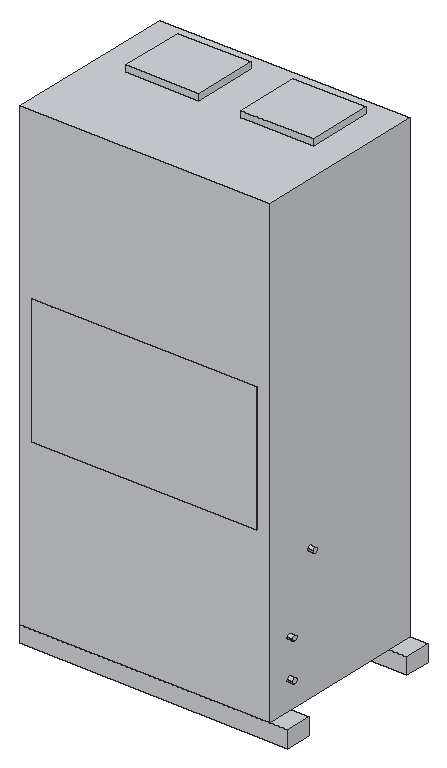
Revit family "2eeb1e5afa334f379452fec0b08cf306", category Mechanical Equipment, Revit 2021
Family settings
  Round Connector Dimension = Use Radius
  Part Type = Normal
  OmniClass Number = 23.75.10.24.21.27.11
  OmniClass Title = Packaged Air Conditioners
  Seek Item ID = Air Conditioner - Vertical Packaged - Water Cooled - 7.5-15 Tons-0000-USA-ENU
  Work Plane-Based = No
  Always vertical = Yes
  Cut with Voids When Loaded = No
  Shared = No
  Room Calculation Point = No
Parameters (values of type "7.5 Tons")
  Voltage = 460 V
  Pressure Drop [instance] = 8.41 psi
  Outlet Radius = 3/8"
  Outlet Diameter = Outlet Radius * 2  # 3/4"
  Number of Poles = 3
  Unit Material = none
  Load Classification = Cooling
  Inlet Radius = 3/8"
  Inlet Diameter = Inlet Radius * 2  # 3/4"
  Height 2 = (Conditioner Height - Height 1) / 2  # 2' - 3.59961"
  Height 1 = 1' - 8 251/256"
  Flow [instance] = 23 GPM
  Duct Width = 11 119/128"
  Duct Height = 10 161/256"
  Drain Radius = 3/8"
  Drain Flow [instance] = 0 GPM
  Distance = 0' - 7"
  Default Elevation = 0' - 0"
  Conditioner Width = 2' - 4 189/256"
  Conditioner Length = 3' - 4 241/256"
  Conditioner Height = 6' - 4 23/128"
  C5 Offset 2 = 0' - 8 11/64"
  C5 Offset 1 = 2' - 0 215/256"
  C4 Offset 1 = 0' - 5 5/128"
  C3 Offset 2 = 1' - 1 207/256"
  C3 Offset 1 = 0' - 4 45/128"
  C2 Offset 2 = 0' - 6 67/256"
  C1 Offset 2 = 0' - 4 23/32"
  C1 Offset 1 = 0' - 3 241/256"
  Apparent Load = 7600 VA
  Air Flow [instance] = 3000 CFM
Types (5): name | Pressure Drop | Outlet Radius | Outlet Diameter | Inlet Radius | Inlet Diameter | Height 2 | Height 1 | Flow | Duct Width | Duct Height | Drain Radius | Distance | Conditioner Width | Conditioner Length | Conditioner Height | C5 Offset 2 | C5 Offset 1 | C4 Offset 1 | C3 Offset 2 | C2 Offset 2 | C1 Offset 2 | C1 Offset 1 | Apparent Load | Air Flow
  (no name) | 8.41 psi | 3/8" | 3/4" | 3/8" | 3/4" | 2' - 3.59961" | 1' - 8 251/256" | 23 GPM | 11 119/128" | 10 161/256" | 3/8" | 0' - 7" | 2' - 4 189/256" | 3' - 4 241/256" | 6' - 4 23/128" | 0' - 8 11/64" | 2' - 0 215/256" | 0' - 5 5/128" | 1' - 1 207/256" | 0' - 6 67/256" | 0' - 4 23/32" | 0' - 3 241/256" | 7600 VA | 3000 CFM
  7.5 Tons | 8.41 psi | 3/8" | 3/4" | 3/8" | 3/4" | 2' - 3.59961" | 1' - 8 251/256" | 23 GPM | 11 119/128" | 10 161/256" | 3/8" | 0' - 7" | 2' - 4 189/256" | 3' - 4 241/256" | 6' - 4 23/128" | 0' - 8 11/64" | 2' - 0 215/256" | 0' - 5 5/128" | 1' - 1 207/256" | 0' - 6 67/256" | 0' - 4 23/32" | 0' - 3 241/256" | 7600 VA | 3000 CFM
  10 Tons | 7.24 psi | 5/8" | 1 1/4" | 5/8" | 1 1/4" | 2' - 7.63477" | 2' - 1 131/256" | 30 GPM | 15 51/128" | 13 169/256" | 2" | 0' - 9 215/256" | 2' - 5 133/256" | 5' - 5 3/4" | 7' - 4 25/32" | 0' - 9.81475" | 2' - 2.25326" | 0' - 7 5/128" | 1' - 2 51/256" | 0' - 7 123/256" | 0' - 5 59/256" | 0' - 4 79/256" | 10200 VA | 4000 CFM
  12 Tons | 8.584 psi | 5/8" | 1 1/4" | 5/8" | 1 1/4" | 2' - 9.59961" | 2' - 1 131/256" | 35 GPM | 15 51/128" | 13 169/256" | 2" | 0' - 9 215/256" | 2' - 5 133/256" | 5' - 5 3/4" | 7' - 8 91/128" | 0' - 9.81475" | 2' - 2.25326" | 0' - 7 5/128" | 1' - 6 9/64" | 0' - 7 123/256" | 0' - 5 59/256" | 0' - 4 79/256" | 12500 VA | 4800 CFM
  15 Tons | 6.199 psi | 5/8" | 1 1/4" | 5/8" | 1 1/4" | 2' - 9.59961" | 2' - 1 131/256" | 44 GPM | 15 51/128" | 13 169/256" | 2" | 0' - 9 215/256" | 2' - 5 133/256" | 6' - 8 79/256" | 7' - 8 91/128" | 0' - 9.81475" | 2' - 2.25326" | 1' - 7 53/64" | 1' - 6 9/64" | 0' - 5 31/256" | 0' - 4 195/256" | 0' - 4 79/256" | 14800 VA | 6000 CFM
Reference planes (in)
  plane 1 "Center (Front/Back)": y = 0
  plane 2: z = 0
  plane 3 "Center (Left/Right)": x = 0
  plane 4: x = 40.94141
  plane 5: z = 78.93969
  plane 6: y = 28.73828
  plane 7: z = 2.76
  plane 8: z = 30.35961
  plane 9: z = 51.34008
  plane 10: x = 2
  plane 11: x = 38.94141
  plane 12: x = 43.94141
  plane 13: y = 4.3
  plane 14: y = 24.43828
  plane 15: z = 7.47875
  plane 16: z = 13.74047
  plane 17: y = 3.94141
  plane 18: z = 13.80859
  plane 19: y = 24.38672
  plane 20: x = 41.94141
  plane 21: x = 5.03906
  plane 22: x = 16.96875
  plane 23: y = 15.43937
  plane 24: y = 26.06828
  plane 25: z = 79.93969
  plane 26: x = 23.96875
  plane 27: x = 35.89844
  plane 28: z = 24.83984
  plane 29: y = 8.17187
Forms (in)
  Extrusion 1, solid, material <- "Unit Material"
    sketch origin (0, 0, 0) x (1, 0, 0) y (0, 1, 0)
      loop
        line (0, 28.73828) -> (0, 0) -> (40.94141, 0) -> (40.94141, 28.73828) -> (0, 28.73828)
    from 2.76 to 78.93969
  Extrusion 2, solid, material <- "Unit Material", detail levels fine
    sketch origin (0, 0, 0) x (1, 0, 0) y (0, 0, 1)
      loop
        line (2, 51.34008) -> (2, 30.35961) -> (38.94141, 30.35961) -> (38.94141, 51.34008) -> (2, 51.34008)
    from -26.06828 to 0
  Extrusion 3, solid, material <- "Unit Material"
    sketch origin (0, 0, 0) x (1, 0, 0) y (0, 0, 1)
      loop
        line (0, 2.76) -> (0, 0) -> (43.94141, 0) -> (43.94141, 2.76) -> (0, 2.76)
    from -4.3 to 0
  Extrusion 4, solid, material <- "Unit Material"
    sketch origin (0, 29.51953, 0) x (1, 0, 0) y (0, 0, -1)
      loop
        line (0, -2.76) -> (43.94141, -2.76) -> (43.94141, 0) -> (0, 0) -> (0, -2.76)
    from -5.08125 to -0.78125
  Extrusion 5, solid, material <- "Unit Material"
    sketch origin (0, 0, 0) x (0, 1, 0) y (0, 0, 1)
      loop
        circle (24.38672, 13.80859) r 0.5
    from 38.94141 to 40.94141
  Extrusion 6, solid, material <- "Unit Material"
    sketch origin (0, 0, 0) x (0, 1, 0) y (0, 0, 1)
      loop
        circle (3.94141, 7.47875) r 0.375
    from 40.94141 to 41.94141
  Extrusion 7, solid, material <- "Unit Material"
    sketch origin (0, 0, 0) x (0, 1, 0) y (0, 0, 1)
      loop
        circle (3.94141, 13.74047) r 0.375
    from 41.94141 to 40.94141
  Extrusion 8, solid
    sketch origin (0, 0, 0) x (1, 0, 0) y (0, 1, 0)
      loop
        line (5.03906, 26.06828) -> (5.03906, 15.43937) -> (16.96875, 15.43937) -> (16.96875, 26.06828) -> (5.03906, 26.06828)
    from 78.93969 to 79.93969
  Extrusion 9, solid
    sketch origin (0, 0, 0) x (1, 0, 0) y (0, 1, 0)
      loop
        line (23.96875, 26.06828) -> (23.96875, 15.43937) -> (35.89844, 15.43937) -> (35.89844, 26.06828) -> (23.96875, 26.06828)
    from 78.93969 to 79.93969
  Extrusion 10, solid
    sketch origin (0, 0, 0) x (0, 1, 0) y (0, 0, 1)
      loop
        circle (8.17187, 24.83984) r 0.375
    from 40.94141 to 41.94141
Cuts and joins
  joined: Extrusion 1, Extrusion 5, Extrusion 6, Extrusion 7
Lines and regions (in)
  model lines
    curve 1: line (2, 0, 47.14398) -> (38.94141, 0, 47.14398)
    curve 2: line (2, 0, 42.94789) -> (38.94141, 0, 42.94789)
    curve 3: line (2, 0, 38.7518) -> (38.94141, 0, 38.7518)
    curve 4: line (2, 0, 34.5557) -> (38.94141, 0, 34.5557)
Dimensions and locks (in)
  "Conditioner Length": plane 4 to plane 3 "Center (Left/Right)"
  "Conditioner Width": plane 1 "Center (Front/Back)" to plane 6
  locked: plane 7 to plane 2 at 2.76
  "Conditioner Height": plane 5 to plane 7
  "Height 2": plane 8 to plane 7
  "Height 1": plane 9 to plane 8
  locked: plane 10 to plane 3 "Center (Left/Right)" at 2
  locked: plane 4 to plane 11 at 2
  locked: plane 12 to plane 4 at 3
  locked: plane 1 "Center (Front/Back)" to plane 13 at 4.3
  locked: plane 14 to plane 6 at 4.3
  "C1 Offset 2": plane 15 to plane 7
  "C2 Offset 2": plane 16 to plane 15
  "C1 Offset 1": plane 1 "Center (Front/Back)" to plane 17
  "C3 Offset 2": plane 18 to plane 2
  "C3 Offset 1": plane 19 to plane 6
  locked: plane 4 to plane 20 at 1
  equal spacing: plane 9, curve 1, curve 2, curve 3, curve 4, plane 8
  "C4 Offset 1": plane 3 "Center (Left/Right)" to plane 21
  "Duct Width": plane 21 to plane 22
  locked: plane 24 to plane 6 at 2.67
  "Duct Height": plane 24 to plane 23
  locked: plane 25 to plane 5 at 1
  "Distance": plane 22 to plane 26
  "Duct Width": plane 26 to plane 27
  "C5 Offset 1": plane 28 to plane 2
  "C5 Offset 2": plane 29 to plane 1 "Center (Front/Back)"
  radius of Extrusion 5 sketch curve = 0' - 0 1/2"
  "Inlet Radius": radius of Extrusion 6 sketch curve
  "Outlet Radius": radius of Extrusion 7 sketch curve
  "Drain Radius": radius of Extrusion 10 sketch curve
  aligned and locked: plane 3 "Center (Left/Right)" to Extrusion 1 sketch curve
  aligned and locked: plane 6 to Extrusion 1 sketch curve
  aligned and locked: plane 1 "Center (Front/Back)" to Extrusion 1 sketch curve
  aligned and locked: Extrusion 1 sketch curve to plane 4
  aligned and locked: plane 5 to Extrusion 1
  aligned and locked: Extrusion 1 to plane 7
  aligned and locked: plane 10 to Extrusion 2 sketch curve
  aligned and locked: Extrusion 2 sketch curve to plane 9
  aligned and locked: plane 8 to Extrusion 2 sketch curve
  aligned and locked: Extrusion 2 sketch curve to plane 11
  aligned and locked: plane 2 to Extrusion 3 sketch curve
  aligned and locked: Extrusion 3 sketch curve to plane 7
  aligned and locked: plane 3 "Center (Left/Right)" to Extrusion 3 sketch curve
  aligned and locked: Extrusion 3 sketch curve to plane 12
  aligned and locked: plane 1 "Center (Front/Back)" to Extrusion 2
  aligned and locked: Extrusion 3 to plane 13
  aligned and locked: plane 1 "Center (Front/Back)" to Extrusion 3
  aligned and locked: Extrusion 4 to plane 6
  aligned and locked: plane 14 to Extrusion 4
  aligned and locked: plane 7 to Extrusion 3
  aligned and locked: Extrusion 3 to plane 2
  aligned and locked: Extrusion 3 to plane 3 "Center (Left/Right)"
  aligned and locked: plane 12 to Extrusion 3
  aligned and locked: plane 19 to Extrusion 5 sketch curve
  aligned and locked: plane 18 to Extrusion 5 sketch curve
  aligned and locked: plane 17 to Extrusion 6 sketch curve
  aligned and locked: plane 15 to Extrusion 6 sketch curve
  aligned and locked: plane 16 to Extrusion 7 sketch curve
  aligned and locked: plane 17 to Extrusion 7 sketch curve
  aligned and locked: plane 20 to Extrusion 7
  aligned and locked: Extrusion 7 to plane 4
  aligned and locked: plane 20 to Extrusion 6
  aligned and locked: Extrusion 6 to plane 4
  aligned and locked: plane 4 to Extrusion 5
  aligned and locked: Extrusion 5 to plane 11
  aligned and locked: plane 10 to curve 1
  aligned and locked: plane 11 to curve 1
  aligned and locked: plane 10 to curve 2
  aligned and locked: plane 11 to curve 2
  aligned and locked: plane 10 to curve 3
  aligned and locked: plane 11 to curve 3
  aligned and locked: plane 10 to curve 4
  aligned and locked: plane 11 to curve 4
  aligned and locked: plane 21 to Extrusion 8 sketch curve
  aligned and locked: Extrusion 8 sketch curve to plane 24
  aligned and locked: plane 23 to Extrusion 8 sketch curve
  aligned and locked: Extrusion 8 sketch curve to plane 22
  aligned and locked: Extrusion 8 to plane 5
  aligned and locked: plane 25 to Extrusion 8
  aligned and locked: plane 24 to Extrusion 2
  aligned and locked: plane 26 to Extrusion 9 sketch curve
  aligned and locked: Extrusion 9 sketch curve to plane 24
  aligned and locked: plane 23 to Extrusion 9 sketch curve
  aligned and locked: Extrusion 9 sketch curve to plane 27
  aligned and locked: Extrusion 9 to Extrusion 8
  aligned and locked: Extrusion 9 to plane 5
  aligned and locked: plane 28 to Extrusion 10 sketch curve
  aligned and locked: plane 29 to Extrusion 10 sketch curve
  aligned and locked: plane 20 to Extrusion 10
Automatic sketch dimensions
  Extrusion 4 sketch curve to level = 0' - 0"
  Extrusion 4 sketch curve to plane 3 "Center (Left/Right)" = 0' - 0"
  Extrusion 4 sketch curve to plane 12 = 0' - 0"
  Extrusion 4 sketch curve to plane 7 = 0' - 0"
Connectors (in)
  piping at (41.94141, 3.94141, 7.47875), diameter 0.75, driven by "Flow", driven by "Inlet Radius"
    settings: on Extrusion 6, index 1, connector inside diameter 3/4", connector length 0' - 0", flow factor 0, pipe flow 23 GPM, pressure drop 0.00 psi, fitting loss kfactor 0, connector angle 0.00°, fixture units 0, engagement length 0' - 0", angle of deflection 0.00°, flow configuration 1, flow direction 1, fitting loss method 4, system type 7, joint type 0, gender type 0, connector reference index 2, connector utility 0, adjustable connector no, is connector primary yes, connector description "Cryogen In"
  piping at (41.94141, 3.94141, 13.74047), diameter 0.75, driven by "Pressure Drop", driven by "Flow", driven by "Outlet Radius"
    settings: on Extrusion 7, index 2, connector inside diameter 3/4", connector length 0' - 0", flow factor 0, pipe flow 23 GPM, pressure drop 8.41 psi, fitting loss kfactor 0, connector angle 0.00°, fixture units 0, engagement length 0' - 0", angle of deflection 0.00°, flow configuration 1, flow direction 2, fitting loss method 4, system type 8, joint type 0, gender type 0, connector reference index 1, connector utility 0, adjustable connector no, is connector primary no, connector description "Cryogen Out"
  electrical at (40.94141, 24.38672, 13.80859), driven by "Apparent Load", driven by "Voltage", driven by "Number of Poles", driven by "Load Classification"
    settings: on Extrusion 5, index 3, voltage 460 V, apparent load 7600 VA, apparent load phase1 0 VA, apparent load phase2 0 VA, apparent load phase3 0 VA, power factor 0.8, load classification "Cooling", number of poles 3, system type 30, power factor state 1, is connector primary yes, connector utility no, sub classification motor no, connector description ""
  hvac at (11.00391, 20.75383, 79.93969), driven by "Air Flow", driven by "Duct Height", driven by "Duct Width"
    settings: on Extrusion 8, index 4, duct flow 3000 CFM, flow factor 0, pres drop 0.00 in-wg, loss coef 0, conn angle 0.00°, conn width 11 119/128", conn height 10 161/256", conn diameter 24", duct sys type 1, conn prof type 1, flow config 0, flow direction 2, loss method 0, conn ref index -1, conn util no, is conn primary yes, conn desc ""
  hvac at (29.93359, 20.75383, 79.93969), driven by "Air Flow", driven by "Duct Height", driven by "Duct Width"
    settings: on Extrusion 9, index 5, duct flow 3000 CFM, flow factor 0, pres drop 0.00 in-wg, loss coef 0, conn angle 0.00°, conn width 11 119/128", conn height 10 161/256", conn diameter 24", duct sys type 1, conn prof type 1, flow config 0, flow direction 2, loss method 0, conn ref index -1, conn util no, is conn primary no, conn desc ""
  piping at (41.94141, 8.17187, 24.83984), diameter 0.75, driven by "Drain Flow", driven by "Drain Radius"
    settings: on Extrusion 10, index 6, connector inside diameter 3/4", connector length 0' - 0", flow factor 0, pipe flow 0 GPM, pressure drop 0.00 psi, fitting loss kfactor 0, connector angle 0.00°, fixture units 0, engagement length 0' - 0", angle of deflection 0.00°, flow configuration 1, flow direction 2, fitting loss method 0, system type 16, joint type 0, gender type 0, connector reference index -1, connector utility 0, adjustable connector yes, is connector primary no, connector description ""
